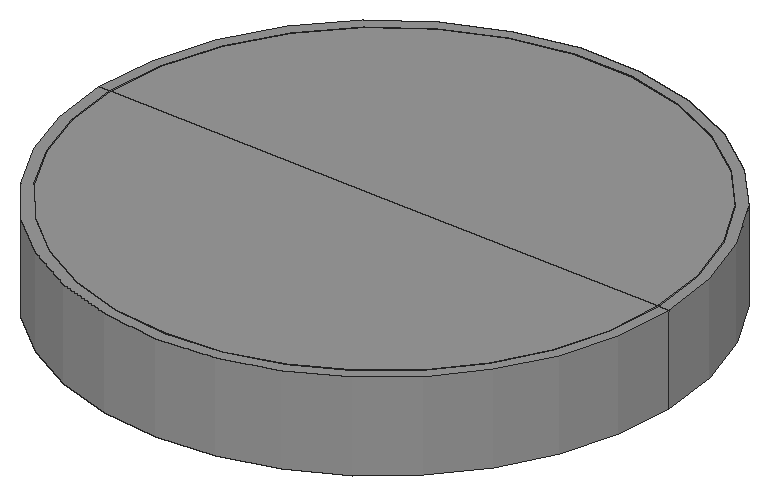
Revit family "4061101", category Lighting Fixtures, host Face, Revit 2016
Family settings
  Host = Face
  Part Type = Normal
  Round Connector Dimension = Use Diameter
  OmniClass Number = 23.80.70.00
  OmniClass Title = Lighting
  Cut with Voids When Loaded = No
  Light Source = Yes
  Shared = No
  Room Calculation Point = No
Parameters (values of type "4061101 COLOSSAL 3550LM 840 WHT")
  Weight = "kg"
  Wattage Comments = ""
  Wattage = 30 W
  WarrantyStartDate [instance] = "n/a"
  WarrantyGuarantorParts = "n/a"
  WarrantyDurationUnit = "n/a"
  WarrantyDurationParts = "n/a"
  WarrantyDescription = "n/a"
  built-in parameter 1150110 = 1 (stored number, unit not read)
  Voltage = 230 V
  URL = "http://www.sylvania-lighting.com"
  TypeName = "Colossal 3550lm 840 WHT"
  Type Image = <None>
  Type Comments = "n/a"
  built-in parameter 1114217 = 1 (stored number, unit not read)
  Tilt Angle = -90.00°
  built-in parameter 1150109 = 1 (stored number, unit not read)
  built-in parameter 1150134 = 12
  built-in parameter 1150113 = 1 (stored number, unit not read)
  SerialNumber [instance] = "n/a"
  Photometric Web File = "4061101.ies"
  Material_3_SYL = LED-Sylvania
  PowerFactor = 0
  PowerConsumption = "30 W"
  NominalLength = 400 mm
  NominalHeight = 87 mm
  NominalDepth = 400 mm
  Name = "Colossal 3550lm 840 WHT"
  ModelReference = Name  # "Colossal 3550lm 840 WHT"
  ModelNumber = "4061101"
  Model = Name  # "Colossal 3550lm 840 WHT"
  Material = "n/a"
  ManufacturerName = "Feilo Sylvania"
  Manufacturer = "Feilo Sylvania"
  LuminousEfficacy = "n/a"
  built-in parameter 1150105 = 283.66 (stored number, unit not read)
  Lumens = 3564.63 lm
  LuminaireType = ""
  built-in parameter 1150115 = 1 (stored number, unit not read)
  LightOutputRatio = "n/a"
  built-in parameter 1150137 = (empty or 0)
  built-in parameter 1150139 = (empty or 0)
  LampsType = Lamp  # "LED"
  LampNominalLuminous = "3564 lm"
  LampMacAdamStep = "n/a"
  LampColourTemperature = "4000 K"
  LampColourRenderingIndex = "n/a"
  built-in parameter 1150112 = 1 (stored number, unit not read)
  built-in parameter 1150114 = 1 (stored number, unit not read)
  Lamp = "LED"
  Keynote = "16500"
  InstallationDate [instance] = "n/a"
  InputVoltage = "230-240 V~"
  InputNominalFrequency = "50/60 Hz"
  built-in parameter 1150132 = (empty or 0)
  built-in parameter 1150102 = (empty or 0)
  built-in parameter 1150107 = 4000 (stored number, unit not read)
  built-in parameter 1150138 = (empty or 0)
  IngressProtection = "IP40"
  ImpactProtectionIndex = "IK02"
  built-in parameter 1150106 = 2.8366 (stored number, unit not read)
  IfcExportType = "IfcLightFixtureType"
  IfcExportAs = "IfcLightFixtureType"
  Emit from Circle Diameter = 385 mm
  Emit Shape Visible in Rendering = no
  ElectricShockClassification = "Class I"
  built-in parameter 1150104 = 11.039 (stored number, unit not read)
  DocumentationLiterature = "http://www.sylvania-lighting.com/product/en-int/products/4061101"
  DimmingControlOptions = "Dimmable"
  Material_2_SYL = Polycarbonate_Sylvania_White
  Dimming Lamp Color Temperature Shift = <None>
  Description = "Large 400 mm diameter circular architectural luminaire, can be surface mounted or suspended, aluminium housing with polycarbonate opal diffuser, 3550 lm, 30W, 118 lm/W, 4000K, CRI 80, 50,000 hours, IP40, IK03, Class 1, 220-240V, Energy class A++"
  Default Elevation = 1219.2 mm
  CreatedOn = "3/7/2019"
  CreatedBy = "@sylvania-lighting.com"
  Cost = 0
  Color Filter = 16777215
  built-in parameter 1114216 [instance] = (empty or 0)
  ClassificationValue = "EF_70_80"
  ClassificationName = "Uniclass2015"
  Material_1_SYL = Polycarbonate_Sylvania_Opal
  BarCode [instance] = "n/a"
  built-in parameter 1114218 = 1 (stored number, unit not read)
  built-in parameter 1150133 = 10 (stored number, unit not read)
  AssetType = "Fixed"
  AssetIdentifier [instance] = "n/a"
  Assembly Code = "D5020200"
  Apparent Load = 30 VA
  Material_4_SYL = none
Reference planes
  plane 1 "Center (Front/Back)": y = 0
  plane 2: z = 0
  plane 3 "Center (Left/Right)": x = 0
  plane 4: x = -200
  plane 5: x = -120
  plane 6: z = 87
  plane 7: z = 25
  plane 8: x = -192.5
  plane 9: z = 40
Forms (mm)
  Revolve 1, solid, material "Polycarbonate_Sylvania_White" <- "Material_2_SYL"
    sketch origin (0, 0, 0) x (1, 0, 0) y (0, 0, 1)
      loop
        line (0, 0) -> (0, 40) -> (-192.5, 40) -> (-192.5, 87) -> (-200, 87) -> (-200, 25) -> (-120, 25) -> (-120, 0) -> (0, 0)
      axis (0, 87) -> (0, 0)
    angle from 360 to 0
  Revolve 2, solid, material "Polycarbonate_Sylvania_Opal" <- "Material_1_SYL"
    sketch origin (0, 0, 0) x (1, 0, 0) y (0, 0, 1)
      loop
        line (0, 87) -> (-192.5, 87) -> (-192.5, 40) -> (0, 40) -> (0, 87)
      axis (0, 87) -> (0, 40)
    angle from 360 to 0
Dimensions and locks
  plane 6 to plane 7 to level = 62 mm locked, 25 mm locked
  plane 3 "Center (Left/Right)" to plane 5 to plane 8 to plane 4 = 120 mm locked, 72.5 mm locked, 7.5 mm locked
  locked: plane 9 to plane 7 at 15
  aligned and locked: plane 2 to host face
  aligned and locked: level to host face
  aligned and locked: Revolve 1 sketch curve to plane 3 "Center (Left/Right)"  (x2)
  aligned and locked: plane 3 "Center (Left/Right)" to Revolve 1 sketch curve
  aligned and locked: level to Revolve 1 sketch curve
  aligned and locked: plane 5 to Revolve 1 sketch curve
  aligned and locked: Revolve 1 sketch curve to plane 7
  aligned and locked: plane 6 to Revolve 1 sketch curve  (x2)
  aligned and locked: plane 8 to Revolve 1 sketch curve
  aligned and locked: Revolve 1 sketch curve to plane 8
  aligned and locked: plane 9 to Revolve 1 sketch curve
  aligned and locked: Revolve 2 sketch curve to plane 3 "Center (Left/Right)"
  aligned and locked: Revolve 2 sketch curve to Revolve 1  (x3)
  aligned and locked: plane 3 "Center (Left/Right)" to Revolve 2 sketch curve
  aligned and locked: plane 3 "Center (Left/Right)" to imposter light
  aligned and locked: imposter light to plane 6
  aligned and locked: imposter light to plane 1 "Center (Front/Back)"
Connectors
  electrical at (0, 0, 0), driven by "Apparent Load", driven by "PowerFactor", driven by "Voltage"
    settings: index 1, voltage 230 V, apparent load 30 VA, apparent load phase1 0 VA, apparent load phase2 0 VA, apparent load phase3 0 VA, power factor 0, load classification "Lighting", number of poles 1, system type 30, power factor state 1, is connector primary yes, connector utility no, sub classification motor no, connector description ""
